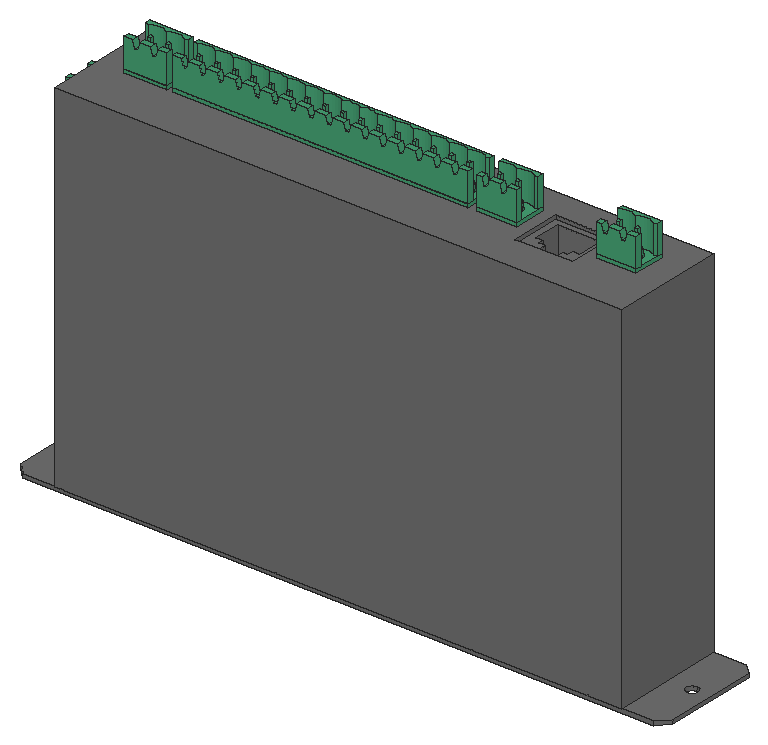
Revit family "Б419_RV17_LOD400 (05.11.23)", category Электрооборудование, Revit 2017
Family settings
  Конфигурация панели = Два столбца, слева направо
  Размер круглого соединителя = Использовать диаметр
  Тип детали = Щит
  На основе рабочей плоскости = Да
  Всегда вертикально = Нет
  При загрузке вырезать с полостями = Нет
  Общий = Нет
  Точка расчета площади = Нет
Parameters (values of type "Б419")
  Стандарт интерфейса связи = "10 Base-T Ethernet (гнездо RJ-45)"
  Смещение_УГО_Y [instance] = 0 mm
  Смещение_УГО_X [instance] = 0 mm
  Раздел проекта [instance] = ""
  Раздел Спецификации [instance] = ""
  Предельное значение сопротивления проводов ШС, кОм = 0.1
  Потребляемый ток, не более, А = 0.3 A
  Default Elevation = 1219.2 mm
  Напряжение = "12"
  Максимальный ток коммутации выходов типа «сухой контакт» напряжением 28В (постоянного тока), не более, А = 12 A
  Максимальный ток коммутации выходов типа «сухой контакт» напряжением 250В (переменного тока) , не более, А = 10 A
  Максимальный ток коммутации выходов типа «открытый коллектор» напряжением до 50В постоянного тока, не более, А = 0.5 A
  Максимальное количество извещателей охранной сигнализации на 1 шлейф сигнализации, питающихся от шлейфа, не более, шт = 20
  Количество подключаемых считывателей STS-705P по интерфейсу RS-485, не более, шт. = 2
  Количество подключаемых исполнительных устройств, не более, шт. = 6
  Количество выходов типа «сухой контакт», не более, шт. = 2
  Количество выходов типа «открытый коллектор», не более, шт. = 4
  Информационная ёмкость (количество подключаемых шлейфов сигнализации), не более, шт. = 8
  Интерфейс для подключения внешних устройств = "RS-485"
  Диапазон рабочих температур, ºС = "от -40 до +50"
  В_Смещение_УГО_Y [instance] = Смещение_УГО_Y + 2000 mm  # 2000 mm
  В_Смещение_УГО_X [instance] = Смещение_УГО_X + 2000 mm  # 2000 mm
  d_короба = 20 mm
  ADSK_Размер_Длина = 181 mm
  ADSK_Размер_Глубина = 100 mm
  ADSK_Размер_Высота = 32 mm
  ADSK_Примечание = ""
  ADSK_Наименование = "Контроллер Б419"
  ADSK_Масса = 1
  ADSK_Марка = "СТВФ.426484.083"
  ADSK_Количество = 1
  ADSK_Завод-изготовитель = "ООО «Основа Безопасности»"  # constant formula
  ADSK_Единица измерения = "шт."  # constant formula
  ADSK_URL страницы изделия = "https://stilsoft.ru/products/b419"
  ADSK_URL документации изделия = ""
Reference planes
  plane 1 "По центру (Вперед/Назад)": y = 0
  plane 2: z = 0
  plane 3 "По центру (Влево/Вправо)": x = 0
  plane 4: y = 2000
  plane 5: x = -2000
  plane 6: x = 0
  plane 7: y = 0
  plane 8: x = 90.5
  plane 9: x = -90.5
  plane 10 "3": x = 78.5
  plane 11 "2": x = -78.5
  plane 12: y = 16
  plane 13: y = -16
  plane 14: z = 100
Forms (mm)
  Extrusion 1, solid, material "КОРПУС", detail levels medium+fine
    sketch origin (0, 16, 0) x (0, -1, 0) y (1, 0, 0)
      loop
        line (32, -78.5) -> (32, 78.5) -> (0, 78.5) -> (0, -78.5) -> (32, -78.5)
    from 1 to 100
  Extrusion 2, solid, material "КОРПУС", detail levels medium+fine
    sketch origin (0, 16, 0) x (0, -1, 0) y (1, 0, 0)
      loop
        line (32, -87.5) -> (32, 87.5) -> (29, 90.5) -> (3, 90.5) -> (0, 87.5) -> (0, -87.5) -> (3, -90.5) -> (29, -90.5) -> (32, -87.5)
      loop
        circle (16, -85.357) r 1.663
      loop
        circle (16, 85.357) r 1.663
    from 0 to 1
  Extrusion 3, solid, material "соединения", detail levels medium+fine
    sketch origin (-78.531, 17.911, 47.556) x (0, 0, 1) y (0, 1, 0)
      loop
        line (-29.234, -9.848) -> (-29.234, -18.848) -> (-12.944, -18.848) -> (-12.944, -9.848) -> (-29.234, -9.848)
    from 0 to 1
  Extrusion 4, solid, material "соединения", detail levels medium+fine
    sketch origin (-78.531, 17.911, 47.556) x (0, 0, 1) y (0, 1, 0)
      loop
        line (-29.234, -9.848) -> (-29.234, -11.38) -> (-28.273, -11.38)
        arc (-28.273, -11.38) -> (-25.791, -10.674) -> (-23.305, -11.362) r 4.776
        arc (-23.305, -11.362) -> (-20.86, -10.659) -> (-18.401, -11.313) r 4.766
        arc (-18.401, -11.313) -> (-15.688, -10.408) -> (-12.944, -11.215) r 4.778
        line (-12.944, -11.215) -> (-12.944, -9.848) -> (-29.234, -9.848)
      loop
        line (-12.944, -17.258) -> (-29.234, -17.258) -> (-29.234, -18.848) -> (-12.944, -18.848) -> (-12.944, -17.258)
    from 1 to 9
  Blend 5, solid, material "соединения", detail levels medium+fine
    base sketch origin (-78.531, 17.911, 47.556) x (0, 0, 1) y (0, 1, 0)
      loop
        circle (-25.763, -13.973) r 1.379
    top sketch origin (-78.531, 17.911, 47.556) x (0, 0, 1) y (0, 1, 0)
      loop
        circle (-25.763, -13.973) r 0.948
    from 1 to 3
  Blend 6, solid, material "соединения", detail levels medium+fine
    base sketch origin (-78.531, 17.911, 52.556) x (0, 0, 1) y (0, 1, 0)
      loop
        circle (-25.763, -13.973) r 1.379
    top sketch origin (-78.531, 17.911, 52.556) x (0, 0, 1) y (0, 1, 0)
      loop
        circle (-25.763, -13.973) r 0.948
    from 1 to 3
  Blend 7, solid, material "соединения", detail levels medium+fine
    base sketch origin (-78.531, 17.911, 57.556) x (0, 0, 1) y (0, 1, 0)
      loop
        circle (-25.763, -13.973) r 1.379
    top sketch origin (-78.531, 17.911, 57.556) x (0, 0, 1) y (0, 1, 0)
      loop
        circle (-25.763, -13.973) r 0.948
    from 1 to 3
  Blend 8, solid, material "соединения", detail levels medium+fine
    base sketch origin (-78.531, 17.911, 47.556) x (0, 0, 1) y (0, 1, 0)
      loop
        line (-26.215, -14.422) -> (-25.289, -14.422) -> (-25.289, -13.499) -> (-26.215, -13.499) -> (-26.215, -14.422)
    top sketch origin (-78.531, 17.911, 47.556) x (0, 0, 1) y (0, 1, 0)
      loop
        line (-26.145, -14.337) -> (-25.343, -14.337) -> (-25.343, -13.551) -> (-26.145, -13.551) -> (-26.145, -14.337)
    from 3 to 8
  Blend 9, solid, material "соединения", detail levels medium+fine
    base sketch origin (-78.531, 17.911, 52.556) x (0, 0, 1) y (0, 1, 0)
      loop
        line (-26.215, -14.422) -> (-25.289, -14.422) -> (-25.289, -13.499) -> (-26.215, -13.499) -> (-26.215, -14.422)
    top sketch origin (-78.531, 17.911, 52.556) x (0, 0, 1) y (0, 1, 0)
      loop
        line (-26.145, -14.337) -> (-25.343, -14.337) -> (-25.343, -13.551) -> (-26.145, -13.551) -> (-26.145, -14.337)
    from 3 to 8
  Blend 10, solid, material "соединения", detail levels medium+fine
    base sketch origin (-78.531, 17.911, 57.556) x (0, 0, 1) y (0, 1, 0)
      loop
        line (-26.215, -14.422) -> (-25.289, -14.422) -> (-25.289, -13.499) -> (-26.215, -13.499) -> (-26.215, -14.422)
    top sketch origin (-78.531, 17.911, 57.556) x (0, 0, 1) y (0, 1, 0)
      loop
        line (-26.145, -14.337) -> (-25.343, -14.337) -> (-25.343, -13.551) -> (-26.145, -13.551) -> (-26.145, -14.337)
    from 3 to 8
  Blend 11, void, detail levels medium+fine
    base sketch origin (-78.531, 17.911, 47.556) x (0, 0, 1) y (0, 1, 0)
      loop
        line (-16.72, -18.848) -> (-14.723, -18.848) -> (-14.723, -17.258) -> (-16.72, -17.258) -> (-16.72, -18.848)
    top sketch origin (-78.531, 17.911, 47.556) x (0, 0, 1) y (0, 1, 0)
      loop
        line (-16.213, -18.848) -> (-15.166, -18.848) -> (-15.166, -17.258) -> (-16.213, -17.258) -> (-16.213, -18.848)
    from 9 to 7
  Blend 12, void, detail levels medium+fine
    base sketch origin (-78.531, 17.911, 42.556) x (0, 0, 1) y (0, 1, 0)
      loop
        line (-16.72, -18.848) -> (-14.723, -18.848) -> (-14.723, -17.258) -> (-16.72, -17.258) -> (-16.72, -18.848)
    top sketch origin (-78.531, 17.911, 42.556) x (0, 0, 1) y (0, 1, 0)
      loop
        line (-16.213, -18.848) -> (-15.166, -18.848) -> (-15.166, -17.258) -> (-16.213, -17.258) -> (-16.213, -18.848)
    from 9 to 7
  Blend 13, void, detail levels medium+fine
    base sketch origin (-78.531, 17.911, 37.556) x (0, 0, 1) y (0, 1, 0)
      loop
        line (-16.72, -18.848) -> (-14.723, -18.848) -> (-14.723, -17.258) -> (-16.72, -17.258) -> (-16.72, -18.848)
    top sketch origin (-78.531, 17.911, 37.556) x (0, 0, 1) y (0, 1, 0)
      loop
        line (-16.213, -18.848) -> (-15.166, -18.848) -> (-15.166, -17.258) -> (-16.213, -17.258) -> (-16.213, -18.848)
    from 9 to 7
  Extrusion 14, solid, material "соединения", detail levels medium+fine
    sketch origin (0, 16, 100) x (-1, 0, 0) y (0, -1, 0)
      loop
        line (-59.92, 8.372) -> (-59.92, 17.372) -> (-70.908, 17.372) -> (-70.908, 8.372) -> (-59.92, 8.372)
    from 0 to 1
  Extrusion 15, solid, material "соединения", detail levels medium+fine
    sketch origin (0, 16, 100) x (-1, 0, 0) y (0, -1, 0)
      loop
        line (-59.908, 8.372) -> (-59.908, 9.901)
        arc (-59.908, 9.901) -> (-62.396, 9.213) -> (-64.878, 9.919) r 4.778
        arc (-64.878, 9.919) -> (-67.378, 9.213) -> (-69.878, 9.919) r 4.778
        line (-69.878, 9.919) -> (-70.908, 9.919) -> (-70.908, 8.372) -> (-59.908, 8.372)
      loop
        line (-70.908, 17.372) -> (-70.908, 15.783) -> (-59.92, 15.783) -> (-59.92, 17.372) -> (-70.908, 17.372)
    from 1 to 9
  Blend 16, solid, material "соединения", detail levels medium+fine
    base sketch origin (0, 16, 100) x (-1, 0, 0) y (0, -1, 0)
      loop
        circle (-62.378, 12.498) r 1.379
    top sketch origin (0, 16, 100) x (-1, 0, 0) y (0, -1, 0)
      loop
        circle (-62.378, 12.498) r 0.948
    from 1 to 3
  Blend 17, solid, material "соединения", detail levels medium+fine
    base sketch origin (0, 16, 100) x (-1, 0, 0) y (0, -1, 0)
      loop
        line (-61.926, 12.946) -> (-62.852, 12.946) -> (-62.852, 12.024) -> (-61.926, 12.024) -> (-61.926, 12.946)
    top sketch origin (0, 16, 100) x (-1, 0, 0) y (0, -1, 0)
      loop
        line (-61.997, 12.862) -> (-62.799, 12.862) -> (-62.799, 12.075) -> (-61.997, 12.075) -> (-61.997, 12.862)
    from 3 to 8
  Blend 18, void, detail levels medium+fine
    base sketch origin (83.142, 17.475, 94.297) x (1, 0, 0) y (0, 1, 0)
      loop
        line (-16.72, -18.848) -> (-14.723, -18.848) -> (-14.723, -17.258) -> (-16.72, -17.258) -> (-16.72, -18.848)
    top sketch origin (83.142, 17.475, 94.297) x (1, 0, 0) y (0, 1, 0)
      loop
        line (-16.213, -18.848) -> (-15.166, -18.848) -> (-15.166, -17.258) -> (-16.213, -17.258) -> (-16.213, -18.848)
    from 14.703 to 12.556
  Blend 19, solid, material "соединения", detail levels medium+fine
    base sketch origin (0, 16, 100) x (-1, 0, 0) y (0, -1, 0)
      loop
        circle (-67.378, 12.498) r 1.379
    top sketch origin (0, 16, 100) x (-1, 0, 0) y (0, -1, 0)
      loop
        circle (-67.378, 12.498) r 0.948
    from 1 to 3
  Blend 20, solid, material "соединения", detail levels medium+fine
    base sketch origin (0, 16, 100) x (-1, 0, 0) y (0, -1, 0)
      loop
        line (-66.926, 12.946) -> (-67.852, 12.946) -> (-67.852, 12.024) -> (-66.926, 12.024) -> (-66.926, 12.946)
    top sketch origin (0, 16, 100) x (-1, 0, 0) y (0, -1, 0)
      loop
        line (-66.997, 12.862) -> (-67.799, 12.862) -> (-67.799, 12.075) -> (-66.997, 12.075) -> (-66.997, 12.862)
    from 3 to 8
  Blend 21, void, detail levels medium+fine
    base sketch origin (78.142, 17.475, 94.297) x (1, 0, 0) y (0, 1, 0)
      loop
        line (-16.72, -18.848) -> (-14.723, -18.848) -> (-14.723, -17.258) -> (-16.72, -17.258) -> (-16.72, -18.848)
    top sketch origin (78.142, 17.475, 94.297) x (1, 0, 0) y (0, 1, 0)
      loop
        line (-16.213, -18.848) -> (-15.166, -18.848) -> (-15.166, -17.258) -> (-16.213, -17.258) -> (-16.213, -18.848)
    from 14.703 to 12.556
  Extrusion 22, solid, material "соединения", detail levels medium+fine
    sketch origin (-78.531, 17.911, 65.393) x (0, 0, 1) y (0, 1, 0)
      loop
        line (-29.234, -9.848) -> (-29.234, -18.848) -> (-12.944, -18.848) -> (-12.944, -9.848) -> (-29.234, -9.848)
    from 0 to 1
  Extrusion 23, solid, material "соединения", detail levels medium+fine
    sketch origin (-78.531, 17.911, 65.393) x (0, 0, 1) y (0, 1, 0)
      loop
        line (-29.234, -9.848) -> (-29.234, -11.38) -> (-28.273, -11.38)
        arc (-28.273, -11.38) -> (-25.791, -10.674) -> (-23.305, -11.362) r 4.776
        arc (-23.305, -11.362) -> (-20.86, -10.659) -> (-18.401, -11.313) r 4.766
        arc (-18.401, -11.313) -> (-15.688, -10.408) -> (-12.944, -11.215) r 4.778
        line (-12.944, -11.215) -> (-12.944, -9.848) -> (-29.234, -9.848)
      loop
        line (-12.944, -17.258) -> (-29.234, -17.258) -> (-29.234, -18.848) -> (-12.944, -18.848) -> (-12.944, -17.258)
    from 1 to 9
  Blend 24, solid, material "соединения", detail levels medium+fine
    base sketch origin (-78.531, 17.911, 65.393) x (0, 0, 1) y (0, 1, 0)
      loop
        circle (-25.763, -13.973) r 1.379
    top sketch origin (-78.531, 17.911, 65.393) x (0, 0, 1) y (0, 1, 0)
      loop
        circle (-25.763, -13.973) r 0.948
    from 1 to 3
  Blend 25, solid, material "соединения", detail levels medium+fine
    base sketch origin (-78.531, 17.911, 70.393) x (0, 0, 1) y (0, 1, 0)
      loop
        circle (-25.763, -13.973) r 1.379
    top sketch origin (-78.531, 17.911, 70.393) x (0, 0, 1) y (0, 1, 0)
      loop
        circle (-25.763, -13.973) r 0.948
    from 1 to 3
  Blend 26, solid, material "соединения", detail levels medium+fine
    base sketch origin (-78.531, 17.911, 69.229) x (0, 0, 1) y (0, 1, 0)
      loop
        circle (-19.763, -13.973) r 1.379
    top sketch origin (-78.531, 17.911, 69.229) x (0, 0, 1) y (0, 1, 0)
      loop
        circle (-19.763, -13.973) r 0.948
    from 1 to 3
  Blend 27, solid, material "соединения", detail levels medium+fine
    base sketch origin (-78.531, 17.911, 65.393) x (0, 0, 1) y (0, 1, 0)
      loop
        line (-26.215, -14.422) -> (-25.289, -14.422) -> (-25.289, -13.499) -> (-26.215, -13.499) -> (-26.215, -14.422)
    top sketch origin (-78.531, 17.911, 65.393) x (0, 0, 1) y (0, 1, 0)
      loop
        line (-26.145, -14.337) -> (-25.343, -14.337) -> (-25.343, -13.551) -> (-26.145, -13.551) -> (-26.145, -14.337)
    from 3 to 8
  Blend 28, solid, material "соединения", detail levels medium+fine
    base sketch origin (-78.531, 17.911, 70.393) x (0, 0, 1) y (0, 1, 0)
      loop
        line (-26.215, -14.422) -> (-25.289, -14.422) -> (-25.289, -13.499) -> (-26.215, -13.499) -> (-26.215, -14.422)
    top sketch origin (-78.531, 17.911, 70.393) x (0, 0, 1) y (0, 1, 0)
      loop
        line (-26.145, -14.337) -> (-25.343, -14.337) -> (-25.343, -13.551) -> (-26.145, -13.551) -> (-26.145, -14.337)
    from 3 to 8
  Blend 29, solid, material "соединения", detail levels medium+fine
    base sketch origin (-78.531, 17.911, 69.229) x (0, 0, 1) y (0, 1, 0)
      loop
        line (-20.215, -14.422) -> (-19.289, -14.422) -> (-19.289, -13.499) -> (-20.215, -13.499) -> (-20.215, -14.422)
    top sketch origin (-78.531, 17.911, 69.229) x (0, 0, 1) y (0, 1, 0)
      loop
        line (-20.145, -14.337) -> (-19.343, -14.337) -> (-19.343, -13.551) -> (-20.145, -13.551) -> (-20.145, -14.337)
    from 3 to 8
  Blend 30, void, detail levels medium+fine
    base sketch origin (-78.531, 17.911, 59.229) x (0, 0, 1) y (0, 1, 0)
      loop
        line (-10.72, -18.848) -> (-8.723, -18.848) -> (-8.723, -17.258) -> (-10.72, -17.258) -> (-10.72, -18.848)
    top sketch origin (-78.531, 17.911, 59.229) x (0, 0, 1) y (0, 1, 0)
      loop
        line (-10.213, -18.848) -> (-9.166, -18.848) -> (-9.166, -17.258) -> (-10.213, -17.258) -> (-10.213, -18.848)
    from 9 to 7
  Blend 31, void, detail levels medium+fine
    base sketch origin (-78.531, 17.911, 60.393) x (0, 0, 1) y (0, 1, 0)
      loop
        line (-16.72, -18.848) -> (-14.723, -18.848) -> (-14.723, -17.258) -> (-16.72, -17.258) -> (-16.72, -18.848)
    top sketch origin (-78.531, 17.911, 60.393) x (0, 0, 1) y (0, 1, 0)
      loop
        line (-16.213, -18.848) -> (-15.166, -18.848) -> (-15.166, -17.258) -> (-16.213, -17.258) -> (-16.213, -18.848)
    from 9 to 7
  Blend 32, void, detail levels medium+fine
    base sketch origin (-78.531, 17.911, 55.393) x (0, 0, 1) y (0, 1, 0)
      loop
        line (-16.72, -18.848) -> (-14.723, -18.848) -> (-14.723, -17.258) -> (-16.72, -17.258) -> (-16.72, -18.848)
    top sketch origin (-78.531, 17.911, 55.393) x (0, 0, 1) y (0, 1, 0)
      loop
        line (-16.213, -18.848) -> (-15.166, -18.848) -> (-15.166, -17.258) -> (-16.213, -17.258) -> (-16.213, -18.848)
    from 9 to 7
  Extrusion 33, solid, material "соединения", detail levels medium+fine
    sketch origin (-78.531, 17.911, 83.655) x (0, 0, 1) y (0, 1, 0)
      loop
        line (-23.234, -9.848) -> (-23.234, -18.848) -> (9.346, -18.848) -> (9.346, -9.848) -> (-23.234, -9.848)
    from 0 to 1
  Extrusion 34, solid, material "соединения", detail levels medium+fine
    sketch origin (-78.531, 17.911, 83.655) x (0, 0, 1) y (0, 1, 0)
      loop
        line (-23.234, -9.848) -> (-23.234, -11.38) -> (-22.273, -11.38)
        arc (-22.273, -11.38) -> (-19.791, -10.674) -> (-17.305, -11.362) r 4.776
        arc (-17.305, -11.362) -> (-14.86, -10.659) -> (-12.401, -11.313) r 4.766
        arc (-12.401, -11.313) -> (-9.688, -10.408) -> (-6.944, -11.215) r 4.778
        arc (-6.944, -11.215) -> (-4.2, -10.408) -> (-1.486, -11.313) r 4.778
        arc (-1.486, -11.313) -> (0.972, -10.659) -> (3.417, -11.362) r 4.766
        arc (3.417, -11.362) -> (5.904, -10.674) -> (8.386, -11.38) r 4.776
        line (8.386, -11.38) -> (9.346, -11.38) -> (9.346, -9.848) -> (-23.234, -9.848)
      loop
        line (-6.944, -17.258) -> (-23.234, -17.258) -> (-23.234, -18.848) -> (-6.944, -18.848) -> (9.346, -18.848) -> (9.346, -17.258) -> (-6.944, -17.258)
    from 1 to 9
  Blend 35, solid, material "соединения", detail levels medium+fine
    base sketch origin (-78.531, 17.911, 83.655) x (0, 0, 1) y (0, 1, 0)
      loop
        circle (-19.763, -13.973) r 1.379
    top sketch origin (-78.531, 17.911, 83.655) x (0, 0, 1) y (0, 1, 0)
      loop
        circle (-19.763, -13.973) r 0.948
    from 1 to 3
  Blend 36, solid, material "соединения", detail levels medium+fine
    base sketch origin (-78.531, 17.911, 88.655) x (0, 0, 1) y (0, 1, 0)
      loop
        circle (-19.763, -13.973) r 1.379
    top sketch origin (-78.531, 17.911, 88.655) x (0, 0, 1) y (0, 1, 0)
      loop
        circle (-19.763, -13.973) r 0.948
    from 1 to 3
  Blend 37, solid, material "соединения", detail levels medium+fine
    base sketch origin (-78.531, 17.911, 93.655) x (0, 0, 1) y (0, 1, 0)
      loop
        circle (-19.763, -13.973) r 1.379
    top sketch origin (-78.531, 17.911, 93.655) x (0, 0, 1) y (0, 1, 0)
      loop
        circle (-19.763, -13.973) r 0.948
    from 1 to 3
  Blend 38, solid, material "соединения", detail levels medium+fine
    base sketch origin (-78.531, 17.911, 83.655) x (0, 0, 1) y (0, 1, 0)
      loop
        line (-20.215, -14.422) -> (-19.289, -14.422) -> (-19.289, -13.499) -> (-20.215, -13.499) -> (-20.215, -14.422)
    top sketch origin (-78.531, 17.911, 83.655) x (0, 0, 1) y (0, 1, 0)
      loop
        line (-20.145, -14.337) -> (-19.343, -14.337) -> (-19.343, -13.551) -> (-20.145, -13.551) -> (-20.145, -14.337)
    from 3 to 8
  Blend 39, solid, material "соединения", detail levels medium+fine
    base sketch origin (-78.531, 17.911, 88.655) x (0, 0, 1) y (0, 1, 0)
      loop
        line (-20.215, -14.422) -> (-19.289, -14.422) -> (-19.289, -13.499) -> (-20.215, -13.499) -> (-20.215, -14.422)
    top sketch origin (-78.531, 17.911, 88.655) x (0, 0, 1) y (0, 1, 0)
      loop
        line (-20.145, -14.337) -> (-19.343, -14.337) -> (-19.343, -13.551) -> (-20.145, -13.551) -> (-20.145, -14.337)
    from 3 to 8
  Blend 40, solid, material "соединения", detail levels medium+fine
    base sketch origin (-78.531, 17.911, 93.655) x (0, 0, 1) y (0, 1, 0)
      loop
        line (-20.215, -14.422) -> (-19.289, -14.422) -> (-19.289, -13.499) -> (-20.215, -13.499) -> (-20.215, -14.422)
    top sketch origin (-78.531, 17.911, 93.655) x (0, 0, 1) y (0, 1, 0)
      loop
        line (-20.145, -14.337) -> (-19.343, -14.337) -> (-19.343, -13.551) -> (-20.145, -13.551) -> (-20.145, -14.337)
    from 3 to 8
  Blend 41, void, detail levels medium+fine
    base sketch origin (-78.531, 17.911, 83.655) x (0, 0, 1) y (0, 1, 0)
      loop
        line (-10.72, -18.848) -> (-8.723, -18.848) -> (-8.723, -17.258) -> (-10.72, -17.258) -> (-10.72, -18.848)
    top sketch origin (-78.531, 17.911, 83.655) x (0, 0, 1) y (0, 1, 0)
      loop
        line (-10.213, -18.848) -> (-9.166, -18.848) -> (-9.166, -17.258) -> (-10.213, -17.258) -> (-10.213, -18.848)
    from 9 to 7
  Blend 42, void, detail levels medium+fine
    base sketch origin (-78.531, 17.911, 78.655) x (0, 0, 1) y (0, 1, 0)
      loop
        line (-10.72, -18.848) -> (-8.723, -18.848) -> (-8.723, -17.258) -> (-10.72, -17.258) -> (-10.72, -18.848)
    top sketch origin (-78.531, 17.911, 78.655) x (0, 0, 1) y (0, 1, 0)
      loop
        line (-10.213, -18.848) -> (-9.166, -18.848) -> (-9.166, -17.258) -> (-10.213, -17.258) -> (-10.213, -18.848)
    from 9 to 7
  Blend 43, void, detail levels medium+fine
    base sketch origin (-78.531, 17.911, 73.655) x (0, 0, 1) y (0, 1, 0)
      loop
        line (-10.72, -18.848) -> (-8.723, -18.848) -> (-8.723, -17.258) -> (-10.72, -17.258) -> (-10.72, -18.848)
    top sketch origin (-78.531, 17.911, 73.655) x (0, 0, 1) y (0, 1, 0)
      loop
        line (-10.213, -18.848) -> (-9.166, -18.848) -> (-9.166, -17.258) -> (-10.213, -17.258) -> (-10.213, -18.848)
    from 9 to 7
  Blend 44, solid, material "соединения", detail levels medium+fine
    base sketch origin (-78.531, 17.911, 99.144) x (0, 0, 1) y (0, 1, 0)
      loop
        circle (-19.763, -13.973) r 1.379
    top sketch origin (-78.531, 17.911, 99.144) x (0, 0, 1) y (0, 1, 0)
      loop
        circle (-19.763, -13.973) r 0.948
    from 1 to 3
  Blend 45, solid, material "соединения", detail levels medium+fine
    base sketch origin (-78.531, 17.911, 99.144) x (0, 0, 1) y (0, 1, 0)
      loop
        line (-20.215, -14.422) -> (-19.289, -14.422) -> (-19.289, -13.499) -> (-20.215, -13.499) -> (-20.215, -14.422)
    top sketch origin (-78.531, 17.911, 99.144) x (0, 0, 1) y (0, 1, 0)
      loop
        line (-20.145, -14.337) -> (-19.343, -14.337) -> (-19.343, -13.551) -> (-20.145, -13.551) -> (-20.145, -14.337)
    from 3 to 8
  Blend 46, solid, material "соединения", detail levels medium+fine
    base sketch origin (-78.531, 18.162, 104.315) x (0, 0, 1) y (0, 1, 0)
      loop
        circle (-19.763, -13.973) r 1.379
    top sketch origin (-78.531, 18.162, 104.315) x (0, 0, 1) y (0, 1, 0)
      loop
        circle (-19.763, -13.973) r 0.948
    from 1 to 3
  Blend 47, solid, material "соединения", detail levels medium+fine
    base sketch origin (-78.531, 18.162, 104.315) x (0, 0, 1) y (0, 1, 0)
      loop
        line (-20.215, -14.422) -> (-19.289, -14.422) -> (-19.289, -13.499) -> (-20.215, -13.499) -> (-20.215, -14.422)
    top sketch origin (-78.531, 18.162, 104.315) x (0, 0, 1) y (0, 1, 0)
      loop
        line (-20.145, -14.337) -> (-19.343, -14.337) -> (-19.343, -13.551) -> (-20.145, -13.551) -> (-20.145, -14.337)
    from 3 to 8
  Blend 48, solid, material "соединения", detail levels medium+fine
    base sketch origin (-78.531, 18.413, 109.487) x (0, 0, 1) y (0, 1, 0)
      loop
        circle (-19.763, -13.973) r 1.379
    top sketch origin (-78.531, 18.413, 109.487) x (0, 0, 1) y (0, 1, 0)
      loop
        circle (-19.763, -13.973) r 0.948
    from 1 to 3
  Blend 49, solid, material "соединения", detail levels medium+fine
    base sketch origin (-78.531, 18.413, 109.487) x (0, 0, 1) y (0, 1, 0)
      loop
        line (-20.215, -14.422) -> (-19.289, -14.422) -> (-19.289, -13.499) -> (-20.215, -13.499) -> (-20.215, -14.422)
    top sketch origin (-78.531, 18.413, 109.487) x (0, 0, 1) y (0, 1, 0)
      loop
        line (-20.145, -14.337) -> (-19.343, -14.337) -> (-19.343, -13.551) -> (-20.145, -13.551) -> (-20.145, -14.337)
    from 3 to 8
  Blend 50, void, detail levels medium+fine
    base sketch origin (-78.531, 17.911, 89.247) x (0, 0, 1) y (0, 1, 0)
      loop
        line (-10.72, -18.848) -> (-8.723, -18.848) -> (-8.723, -17.258) -> (-10.72, -17.258) -> (-10.72, -18.848)
    top sketch origin (-78.531, 17.911, 89.247) x (0, 0, 1) y (0, 1, 0)
      loop
        line (-10.213, -18.848) -> (-9.166, -18.848) -> (-9.166, -17.258) -> (-10.213, -17.258) -> (-10.213, -18.848)
    from 9 to 7
  Blend 51, void, detail levels medium+fine
    base sketch origin (-78.531, 17.911, 94.419) x (0, 0, 1) y (0, 1, 0)
      loop
        line (-10.72, -18.848) -> (-8.723, -18.848) -> (-8.723, -17.258) -> (-10.72, -17.258) -> (-10.72, -18.848)
    top sketch origin (-78.531, 17.911, 94.419) x (0, 0, 1) y (0, 1, 0)
      loop
        line (-10.213, -18.848) -> (-9.166, -18.848) -> (-9.166, -17.258) -> (-10.213, -17.258) -> (-10.213, -18.848)
    from 9 to 7
  Blend 52, void, detail levels medium+fine
    base sketch origin (-78.531, 17.911, 99.419) x (0, 0, 1) y (0, 1, 0)
      loop
        line (-10.72, -18.848) -> (-8.723, -18.848) -> (-8.723, -17.258) -> (-10.72, -17.258) -> (-10.72, -18.848)
    top sketch origin (-78.531, 17.911, 99.419) x (0, 0, 1) y (0, 1, 0)
      loop
        line (-10.213, -18.848) -> (-9.166, -18.848) -> (-9.166, -17.258) -> (-10.213, -17.258) -> (-10.213, -18.848)
    from 9 to 7
  Extrusion 53, solid, material "соединения", detail levels medium+fine
    sketch origin (0, 16, 100) x (-1, 0, 0) y (0, -1, 0)
      loop
        line (71.092, 8.372) -> (71.092, 17.372) -> (59.152, 17.372) -> (59.152, 8.372) -> (71.092, 8.372)
    from 0 to 1
  Extrusion 54, solid, material "соединения", detail levels medium+fine
    sketch origin (0, 16, 100) x (-1, 0, 0) y (0, -1, 0)
      loop
        line (71.092, 8.372) -> (71.092, 9.919) -> (70.122, 9.919)
        arc (70.122, 9.919) -> (67.622, 9.213) -> (65.122, 9.919) r 4.778
        arc (65.122, 9.919) -> (62.622, 9.213) -> (60.122, 9.919) r 4.778
        line (60.122, 9.919) -> (59.152, 9.919) -> (59.152, 8.372) -> (60.122, 8.372) -> (71.092, 8.372)
      loop
        line (59.152, 15.783) -> (71.092, 15.783) -> (71.092, 17.372) -> (59.152, 17.372) -> (59.152, 15.783)
    from 1 to 9
  Blend 55, solid, material "соединения", detail levels medium+fine
    base sketch origin (0, 16, 100) x (-1, 0, 0) y (0, -1, 0)
      loop
        circle (67.622, 12.498) r 1.379
    top sketch origin (0, 16, 100) x (-1, 0, 0) y (0, -1, 0)
      loop
        circle (67.622, 12.498) r 0.948
    from 1 to 3
  Blend 56, solid, material "соединения", detail levels medium+fine
    base sketch origin (0, 16, 100) x (-1, 0, 0) y (0, -1, 0)
      loop
        circle (62.622, 12.498) r 1.379
    top sketch origin (0, 16, 100) x (-1, 0, 0) y (0, -1, 0)
      loop
        circle (62.622, 12.498) r 0.948
    from 1 to 3
  Blend 57, solid, material "соединения", detail levels medium+fine
    base sketch origin (0, 16, 100) x (-1, 0, 0) y (0, -1, 0)
      loop
        line (68.074, 12.946) -> (67.148, 12.946) -> (67.148, 12.024) -> (68.074, 12.024) -> (68.074, 12.946)
    top sketch origin (0, 16, 100) x (-1, 0, 0) y (0, -1, 0)
      loop
        line (68.003, 12.862) -> (67.201, 12.862) -> (67.201, 12.075) -> (68.003, 12.075) -> (68.003, 12.862)
    from 3 to 8
  Blend 58, solid, material "соединения", detail levels medium+fine
    base sketch origin (0, 16, 100) x (-1, 0, 0) y (0, -1, 0)
      loop
        line (63.074, 12.946) -> (62.148, 12.946) -> (62.148, 12.024) -> (63.074, 12.024) -> (63.074, 12.946)
    top sketch origin (0, 16, 100) x (-1, 0, 0) y (0, -1, 0)
      loop
        line (63.003, 12.862) -> (62.201, 12.862) -> (62.201, 12.075) -> (63.003, 12.075) -> (63.003, 12.862)
    from 3 to 8
  Blend 59, void, detail levels medium+fine
    base sketch origin (0, 16, 100) x (-1, 0, 0) y (0, -1, 0)
      loop
        line (63.578, 17.372) -> (61.582, 17.372) -> (61.582, 15.783) -> (63.578, 15.783) -> (63.578, 17.372)
    top sketch origin (0, 16, 100) x (-1, 0, 0) y (0, -1, 0)
      loop
        line (63.072, 17.372) -> (62.024, 17.372) -> (62.024, 15.783) -> (63.072, 15.783) -> (63.072, 17.372)
    from 9 to 7
  Blend 60, void, detail levels medium+fine
    base sketch origin (0, 16, 100) x (-1, 0, 0) y (0, -1, 0)
      loop
        line (68.578, 17.372) -> (66.582, 17.372) -> (66.582, 15.783) -> (68.578, 15.783) -> (68.578, 17.372)
    top sketch origin (0, 16, 100) x (-1, 0, 0) y (0, -1, 0)
      loop
        line (68.072, 17.372) -> (67.024, 17.372) -> (67.024, 15.783) -> (68.072, 15.783) -> (68.072, 17.372)
    from 9 to 7
  Extrusion 61, solid, material "соединения", detail levels medium+fine
    sketch origin (0, 16, 100) x (-1, 0, 0) y (0, -1, 0)
      loop
        line (57.625, 8.372) -> (57.625, 17.372) -> (-24.375, 17.372) -> (-24.375, 8.372) -> (57.625, 8.372)
    from 0 to 1
  Extrusion 62, solid, material "соединения", detail levels medium+fine
    sketch origin (0, 16, 100) x (-1, 0, 0) y (0, -1, 0)
      loop
        line (57.625, 15.783) -> (57.625, 17.372) -> (-24.375, 17.372) -> (-24.375, 15.783) -> (57.625, 15.783)
      loop
        line (-24.375, 9.919) -> (-24.375, 8.372) -> (57.625, 8.372) -> (57.625, 9.919) -> (56.655, 9.919)
        arc (56.655, 9.919) -> (54.155, 9.213) -> (51.655, 9.919) r 4.778
        arc (51.655, 9.919) -> (49.155, 9.213) -> (46.655, 9.919) r 4.778
        arc (46.655, 9.919) -> (44.155, 9.213) -> (41.655, 9.919) r 4.778
        arc (41.655, 9.919) -> (39.155, 9.213) -> (36.655, 9.919) r 4.778
        arc (36.655, 9.919) -> (34.155, 9.213) -> (31.655, 9.919) r 4.778
        arc (31.655, 9.919) -> (29.155, 9.213) -> (26.655, 9.919) r 4.778
        arc (26.655, 9.919) -> (24.155, 9.213) -> (21.655, 9.919) r 4.778
        arc (21.655, 9.919) -> (19.155, 9.213) -> (16.655, 9.919) r 4.778
        arc (16.655, 9.919) -> (14.155, 9.213) -> (11.655, 9.919) r 4.778
        arc (11.655, 9.919) -> (9.155, 9.213) -> (6.655, 9.919) r 4.778
        arc (6.655, 9.919) -> (4.155, 9.213) -> (1.655, 9.919) r 4.778
        arc (1.655, 9.919) -> (-0.845, 9.213) -> (-3.345, 9.919) r 4.778
        arc (-3.345, 9.919) -> (-5.845, 9.213) -> (-8.345, 9.919) r 4.778
        arc (-8.345, 9.919) -> (-10.845, 9.213) -> (-13.345, 9.919) r 4.778
        arc (-13.345, 9.919) -> (-15.845, 9.213) -> (-18.345, 9.919) r 4.778
        arc (-18.345, 9.919) -> (-20.845, 9.213) -> (-23.345, 9.919) r 4.778
        line (-23.345, 9.919) -> (-24.375, 9.919)
    from 1 to 9
  Blend 63, solid, material "соединения", detail levels medium+fine
    base sketch origin (0, 16, 100) x (-1, 0, 0) y (0, -1, 0)
      loop
        circle (44.155, 12.498) r 1.379
    top sketch origin (0, 16, 100) x (-1, 0, 0) y (0, -1, 0)
      loop
        circle (44.155, 12.498) r 0.948
    from 1 to 3
  Blend 64, solid, material "соединения", detail levels medium+fine
    base sketch origin (0, 16, 100) x (-1, 0, 0) y (0, -1, 0)
      loop
        circle (39.155, 12.498) r 1.379
    top sketch origin (0, 16, 100) x (-1, 0, 0) y (0, -1, 0)
      loop
        circle (39.155, 12.498) r 0.948
    from 1 to 3
  Blend 65, solid, material "соединения", detail levels medium+fine
    base sketch origin (0, 16, 100) x (-1, 0, 0) y (0, -1, 0)
      loop
        circle (34.155, 12.498) r 1.379
    top sketch origin (0, 16, 100) x (-1, 0, 0) y (0, -1, 0)
      loop
        circle (34.155, 12.498) r 0.948
    from 1 to 3
  Blend 66, solid, material "соединения", detail levels medium+fine
    base sketch origin (0, 16, 100) x (-1, 0, 0) y (0, -1, 0)
      loop
        line (44.607, 12.946) -> (43.681, 12.946) -> (43.681, 12.024) -> (44.607, 12.024) -> (44.607, 12.946)
    top sketch origin (0, 16, 100) x (-1, 0, 0) y (0, -1, 0)
      loop
        line (44.536, 12.862) -> (43.735, 12.862) -> (43.735, 12.075) -> (44.536, 12.075) -> (44.536, 12.862)
    from 3 to 8
  Blend 67, solid, material "соединения", detail levels medium+fine
    base sketch origin (0, 16, 100) x (-1, 0, 0) y (0, -1, 0)
      loop
        line (39.607, 12.946) -> (38.681, 12.946) -> (38.681, 12.024) -> (39.607, 12.024) -> (39.607, 12.946)
    top sketch origin (0, 16, 100) x (-1, 0, 0) y (0, -1, 0)
      loop
        line (39.536, 12.862) -> (38.735, 12.862) -> (38.735, 12.075) -> (39.536, 12.075) -> (39.536, 12.862)
    from 3 to 8
  Blend 68, solid, material "соединения", detail levels medium+fine
    base sketch origin (0, 16, 100) x (-1, 0, 0) y (0, -1, 0)
      loop
        line (34.607, 12.946) -> (33.681, 12.946) -> (33.681, 12.024) -> (34.607, 12.024) -> (34.607, 12.946)
    top sketch origin (0, 16, 100) x (-1, 0, 0) y (0, -1, 0)
      loop
        line (34.536, 12.862) -> (33.735, 12.862) -> (33.735, 12.075) -> (34.536, 12.075) -> (34.536, 12.862)
    from 3 to 8
  Blend 69, void, detail levels medium+fine
    base sketch origin (0, 16, 100) x (-1, 0, 0) y (0, -1, 0)
      loop
        line (30.111, 17.372) -> (28.115, 17.372) -> (28.115, 15.783) -> (30.111, 15.783) -> (30.111, 17.372)
    top sketch origin (0, 16, 100) x (-1, 0, 0) y (0, -1, 0)
      loop
        line (29.605, 17.372) -> (28.557, 17.372) -> (28.557, 15.783) -> (29.605, 15.783) -> (29.605, 17.372)
    from 9 to 7
  Blend 70, solid, material "соединения", detail levels medium+fine
    base sketch origin (0, 16, 100) x (-1, 0, 0) y (0, -1, 0)
      loop
        circle (29.155, 12.498) r 1.379
    top sketch origin (0, 16, 100) x (-1, 0, 0) y (0, -1, 0)
      loop
        circle (29.155, 12.498) r 0.948
    from 1 to 3
  Blend 71, solid, material "соединения", detail levels medium+fine
    base sketch origin (0, 16, 100) x (-1, 0, 0) y (0, -1, 0)
      loop
        line (29.607, 12.946) -> (28.681, 12.946) -> (28.681, 12.024) -> (29.607, 12.024) -> (29.607, 12.946)
    top sketch origin (0, 16, 100) x (-1, 0, 0) y (0, -1, 0)
      loop
        line (29.536, 12.862) -> (28.735, 12.862) -> (28.735, 12.075) -> (29.536, 12.075) -> (29.536, 12.862)
    from 3 to 8
  Blend 72, void, detail levels medium+fine
    base sketch origin (0, 16, 100) x (-1, 0, 0) y (0, -1, 0)
      loop
        line (35.111, 17.372) -> (33.115, 17.372) -> (33.115, 15.783) -> (35.111, 15.783) -> (35.111, 17.372)
    top sketch origin (0, 16, 100) x (-1, 0, 0) y (0, -1, 0)
      loop
        line (34.605, 17.372) -> (33.557, 17.372) -> (33.557, 15.783) -> (34.605, 15.783) -> (34.605, 17.372)
    from 9 to 7
  Blend 73, void, detail levels medium+fine
    base sketch origin (0, 16, 100) x (-1, 0, 0) y (0, -1, 0)
      loop
        line (40.111, 17.372) -> (38.115, 17.372) -> (38.115, 15.783) -> (40.111, 15.783) -> (40.111, 17.372)
    top sketch origin (0, 16, 100) x (-1, 0, 0) y (0, -1, 0)
      loop
        line (39.605, 17.372) -> (38.557, 17.372) -> (38.557, 15.783) -> (39.605, 15.783) -> (39.605, 17.372)
    from 9 to 7
  Blend 74, void, detail levels medium+fine
    base sketch origin (0, 16, 100) x (-1, 0, 0) y (0, -1, 0)
      loop
        line (45.111, 17.372) -> (43.115, 17.372) -> (43.115, 15.783) -> (45.111, 15.783) -> (45.111, 17.372)
    top sketch origin (0, 16, 100) x (-1, 0, 0) y (0, -1, 0)
      loop
        line (44.605, 17.372) -> (43.557, 17.372) -> (43.557, 15.783) -> (44.605, 15.783) -> (44.605, 17.372)
    from 9 to 7
  Blend 75, solid, material "соединения", detail levels medium+fine
    base sketch origin (0, 16, 100) x (-1, 0, 0) y (0, -1, 0)
      loop
        circle (54.155, 12.498) r 1.379
    top sketch origin (0, 16, 100) x (-1, 0, 0) y (0, -1, 0)
      loop
        circle (54.155, 12.498) r 0.948
    from 1 to 3
  Blend 76, solid, material "соединения", detail levels medium+fine
    base sketch origin (0, 16, 100) x (-1, 0, 0) y (0, -1, 0)
      loop
        circle (49.155, 12.498) r 1.379
    top sketch origin (0, 16, 100) x (-1, 0, 0) y (0, -1, 0)
      loop
        circle (49.155, 12.498) r 0.948
    from 1 to 3
  Blend 77, solid, material "соединения", detail levels medium+fine
    base sketch origin (0, 16, 100) x (-1, 0, 0) y (0, -1, 0)
      loop
        line (54.607, 12.946) -> (53.681, 12.946) -> (53.681, 12.024) -> (54.607, 12.024) -> (54.607, 12.946)
    top sketch origin (0, 16, 100) x (-1, 0, 0) y (0, -1, 0)
      loop
        line (54.536, 12.862) -> (53.735, 12.862) -> (53.735, 12.075) -> (54.536, 12.075) -> (54.536, 12.862)
    from 3 to 8
  Blend 78, solid, material "соединения", detail levels medium+fine
    base sketch origin (0, 16, 100) x (-1, 0, 0) y (0, -1, 0)
      loop
        line (49.607, 12.946) -> (48.681, 12.946) -> (48.681, 12.024) -> (49.607, 12.024) -> (49.607, 12.946)
    top sketch origin (0, 16, 100) x (-1, 0, 0) y (0, -1, 0)
      loop
        line (49.536, 12.862) -> (48.735, 12.862) -> (48.735, 12.075) -> (49.536, 12.075) -> (49.536, 12.862)
    from 3 to 8
  Blend 79, void, detail levels medium+fine
    base sketch origin (0, 16, 100) x (-1, 0, 0) y (0, -1, 0)
      loop
        line (50.111, 17.372) -> (48.115, 17.372) -> (48.115, 15.783) -> (50.111, 15.783) -> (50.111, 17.372)
    top sketch origin (0, 16, 100) x (-1, 0, 0) y (0, -1, 0)
      loop
        line (49.605, 17.372) -> (48.557, 17.372) -> (48.557, 15.783) -> (49.605, 15.783) -> (49.605, 17.372)
    from 9 to 7
  Blend 80, void, detail levels medium+fine
    base sketch origin (0, 16, 100) x (-1, 0, 0) y (0, -1, 0)
      loop
        line (55.111, 17.372) -> (53.115, 17.372) -> (53.115, 15.783) -> (55.111, 15.783) -> (55.111, 17.372)
    top sketch origin (0, 16, 100) x (-1, 0, 0) y (0, -1, 0)
      loop
        line (54.605, 17.372) -> (53.557, 17.372) -> (53.557, 15.783) -> (54.605, 15.783) -> (54.605, 17.372)
    from 9 to 7
  Blend 81, solid, material "соединения", detail levels medium+fine
    base sketch origin (0, 16, 100) x (-1, 0, 0) y (0, -1, 0)
      loop
        circle (14.155, 12.498) r 1.379
    top sketch origin (0, 16, 100) x (-1, 0, 0) y (0, -1, 0)
      loop
        circle (14.155, 12.498) r 0.948
    from 1 to 3
  Blend 82, solid, material "соединения", detail levels medium+fine
    base sketch origin (0, 16, 100) x (-1, 0, 0) y (0, -1, 0)
      loop
        circle (9.155, 12.498) r 1.379
    top sketch origin (0, 16, 100) x (-1, 0, 0) y (0, -1, 0)
      loop
        circle (9.155, 12.498) r 0.948
    from 1 to 3
  Blend 83, solid, material "соединения", detail levels medium+fine
    base sketch origin (0, 16, 100) x (-1, 0, 0) y (0, -1, 0)
      loop
        circle (4.155, 12.498) r 1.379
    top sketch origin (0, 16, 100) x (-1, 0, 0) y (0, -1, 0)
      loop
        circle (4.155, 12.498) r 0.948
    from 1 to 3
  Blend 84, solid, material "соединения", detail levels medium+fine
    base sketch origin (0, 16, 100) x (-1, 0, 0) y (0, -1, 0)
      loop
        line (14.607, 12.946) -> (13.681, 12.946) -> (13.681, 12.024) -> (14.607, 12.024) -> (14.607, 12.946)
    top sketch origin (0, 16, 100) x (-1, 0, 0) y (0, -1, 0)
      loop
        line (14.536, 12.862) -> (13.735, 12.862) -> (13.735, 12.075) -> (14.536, 12.075) -> (14.536, 12.862)
    from 3 to 8
  Blend 85, solid, material "соединения", detail levels medium+fine
    base sketch origin (0, 16, 100) x (-1, 0, 0) y (0, -1, 0)
      loop
        line (9.607, 12.946) -> (8.681, 12.946) -> (8.681, 12.024) -> (9.607, 12.024) -> (9.607, 12.946)
    top sketch origin (0, 16, 100) x (-1, 0, 0) y (0, -1, 0)
      loop
        line (9.536, 12.862) -> (8.735, 12.862) -> (8.735, 12.075) -> (9.536, 12.075) -> (9.536, 12.862)
    from 3 to 8
  Blend 86, solid, material "соединения", detail levels medium+fine
    base sketch origin (0, 16, 100) x (-1, 0, 0) y (0, -1, 0)
      loop
        line (4.607, 12.946) -> (3.681, 12.946) -> (3.681, 12.024) -> (4.607, 12.024) -> (4.607, 12.946)
    top sketch origin (0, 16, 100) x (-1, 0, 0) y (0, -1, 0)
      loop
        line (4.536, 12.862) -> (3.735, 12.862) -> (3.735, 12.075) -> (4.536, 12.075) -> (4.536, 12.862)
    from 3 to 8
  Blend 87, void, detail levels medium+fine
    base sketch origin (0, 16, 100) x (-1, 0, 0) y (0, -1, 0)
      loop
        line (0.111, 17.372) -> (-1.885, 17.372) -> (-1.885, 15.783) -> (0.111, 15.783) -> (0.111, 17.372)
    top sketch origin (0, 16, 100) x (-1, 0, 0) y (0, -1, 0)
      loop
        line (-0.395, 17.372) -> (-1.443, 17.372) -> (-1.443, 15.783) -> (-0.395, 15.783) -> (-0.395, 17.372)
    from 9 to 7
  Blend 88, solid, material "соединения", detail levels medium+fine
    base sketch origin (0, 16, 100) x (-1, 0, 0) y (0, -1, 0)
      loop
        circle (-0.845, 12.498) r 1.379
    top sketch origin (0, 16, 100) x (-1, 0, 0) y (0, -1, 0)
      loop
        circle (-0.845, 12.498) r 0.948
    from 1 to 3
  Blend 89, solid, material "соединения", detail levels medium+fine
    base sketch origin (0, 16, 100) x (-1, 0, 0) y (0, -1, 0)
      loop
        line (-0.393, 12.946) -> (-1.319, 12.946) -> (-1.319, 12.024) -> (-0.393, 12.024) -> (-0.393, 12.946)
    top sketch origin (0, 16, 100) x (-1, 0, 0) y (0, -1, 0)
      loop
        line (-0.464, 12.862) -> (-1.265, 12.862) -> (-1.265, 12.075) -> (-0.464, 12.075) -> (-0.464, 12.862)
    from 3 to 8
  Blend 90, void, detail levels medium+fine
    base sketch origin (0, 16, 100) x (-1, 0, 0) y (0, -1, 0)
      loop
        line (5.111, 17.372) -> (3.115, 17.372) -> (3.115, 15.783) -> (5.111, 15.783) -> (5.111, 17.372)
    top sketch origin (0, 16, 100) x (-1, 0, 0) y (0, -1, 0)
      loop
        line (4.605, 17.372) -> (3.557, 17.372) -> (3.557, 15.783) -> (4.605, 15.783) -> (4.605, 17.372)
    from 9 to 7
  Blend 91, void, detail levels medium+fine
    base sketch origin (0, 16, 100) x (-1, 0, 0) y (0, -1, 0)
      loop
        line (10.111, 17.372) -> (8.115, 17.372) -> (8.115, 15.783) -> (10.111, 15.783) -> (10.111, 17.372)
    top sketch origin (0, 16, 100) x (-1, 0, 0) y (0, -1, 0)
      loop
        line (9.605, 17.372) -> (8.557, 17.372) -> (8.557, 15.783) -> (9.605, 15.783) -> (9.605, 17.372)
    from 9 to 7
  Blend 92, void, detail levels medium+fine
    base sketch origin (0, 16, 100) x (-1, 0, 0) y (0, -1, 0)
      loop
        line (15.111, 17.372) -> (13.115, 17.372) -> (13.115, 15.783) -> (15.111, 15.783) -> (15.111, 17.372)
    top sketch origin (0, 16, 100) x (-1, 0, 0) y (0, -1, 0)
      loop
        line (14.605, 17.372) -> (13.557, 17.372) -> (13.557, 15.783) -> (14.605, 15.783) -> (14.605, 17.372)
    from 9 to 7
  Blend 93, solid, material "соединения", detail levels medium+fine
    base sketch origin (0, 16, 100) x (-1, 0, 0) y (0, -1, 0)
      loop
        circle (24.155, 12.498) r 1.379
    top sketch origin (0, 16, 100) x (-1, 0, 0) y (0, -1, 0)
      loop
        circle (24.155, 12.498) r 0.948
    from 1 to 3
  Blend 94, solid, material "соединения", detail levels medium+fine
    base sketch origin (0, 16, 100) x (-1, 0, 0) y (0, -1, 0)
      loop
        circle (19.155, 12.498) r 1.379
    top sketch origin (0, 16, 100) x (-1, 0, 0) y (0, -1, 0)
      loop
        circle (19.155, 12.498) r 0.948
    from 1 to 3
  Blend 95, solid, material "соединения", detail levels medium+fine
    base sketch origin (0, 16, 100) x (-1, 0, 0) y (0, -1, 0)
      loop
        line (24.607, 12.946) -> (23.681, 12.946) -> (23.681, 12.024) -> (24.607, 12.024) -> (24.607, 12.946)
    top sketch origin (0, 16, 100) x (-1, 0, 0) y (0, -1, 0)
      loop
        line (24.536, 12.862) -> (23.735, 12.862) -> (23.735, 12.075) -> (24.536, 12.075) -> (24.536, 12.862)
    from 3 to 8
  Blend 96, solid, material "соединения", detail levels medium+fine
    base sketch origin (0, 16, 100) x (-1, 0, 0) y (0, -1, 0)
      loop
        line (19.607, 12.946) -> (18.681, 12.946) -> (18.681, 12.024) -> (19.607, 12.024) -> (19.607, 12.946)
    top sketch origin (0, 16, 100) x (-1, 0, 0) y (0, -1, 0)
      loop
        line (19.536, 12.862) -> (18.735, 12.862) -> (18.735, 12.075) -> (19.536, 12.075) -> (19.536, 12.862)
    from 3 to 8
  Blend 97, void, detail levels medium+fine
    base sketch origin (0, 16, 100) x (-1, 0, 0) y (0, -1, 0)
      loop
        line (20.111, 17.372) -> (18.115, 17.372) -> (18.115, 15.783) -> (20.111, 15.783) -> (20.111, 17.372)
    top sketch origin (0, 16, 100) x (-1, 0, 0) y (0, -1, 0)
      loop
        line (19.605, 17.372) -> (18.557, 17.372) -> (18.557, 15.783) -> (19.605, 15.783) -> (19.605, 17.372)
    from 9 to 7
  Blend 98, void, detail levels medium+fine
    base sketch origin (0, 16, 100) x (-1, 0, 0) y (0, -1, 0)
      loop
        line (25.111, 17.372) -> (23.115, 17.372) -> (23.115, 15.783) -> (25.111, 15.783) -> (25.111, 17.372)
    top sketch origin (0, 16, 100) x (-1, 0, 0) y (0, -1, 0)
      loop
        line (24.605, 17.372) -> (23.557, 17.372) -> (23.557, 15.783) -> (24.605, 15.783) -> (24.605, 17.372)
    from 9 to 7
  Blend 99, solid, material "соединения", detail levels medium+fine
    base sketch origin (0, 16, 100) x (-1, 0, 0) y (0, -1, 0)
      loop
        circle (-5.845, 12.498) r 1.379
    top sketch origin (0, 16, 100) x (-1, 0, 0) y (0, -1, 0)
      loop
        circle (-5.845, 12.498) r 0.948
    from 1 to 3
  Blend 100, solid, material "соединения", detail levels medium+fine
    base sketch origin (0, 16, 100) x (-1, 0, 0) y (0, -1, 0)
      loop
        circle (-10.845, 12.498) r 1.379
    top sketch origin (0, 16, 100) x (-1, 0, 0) y (0, -1, 0)
      loop
        circle (-10.845, 12.498) r 0.948
    from 1 to 3
  Blend 101, solid, material "соединения", detail levels medium+fine
    base sketch origin (0, 16, 100) x (-1, 0, 0) y (0, -1, 0)
      loop
        circle (-15.845, 12.498) r 1.379
    top sketch origin (0, 16, 100) x (-1, 0, 0) y (0, -1, 0)
      loop
        circle (-15.845, 12.498) r 0.948
    from 1 to 3
  Blend 102, solid, material "соединения", detail levels medium+fine
    base sketch origin (0, 16, 100) x (-1, 0, 0) y (0, -1, 0)
      loop
        line (-5.393, 12.946) -> (-6.319, 12.946) -> (-6.319, 12.024) -> (-5.393, 12.024) -> (-5.393, 12.946)
    top sketch origin (0, 16, 100) x (-1, 0, 0) y (0, -1, 0)
      loop
        line (-5.464, 12.862) -> (-6.265, 12.862) -> (-6.265, 12.075) -> (-5.464, 12.075) -> (-5.464, 12.862)
    from 3 to 8
  Blend 103, solid, material "соединения", detail levels medium+fine
    base sketch origin (0, 16, 100) x (-1, 0, 0) y (0, -1, 0)
      loop
        line (-10.393, 12.946) -> (-11.319, 12.946) -> (-11.319, 12.024) -> (-10.393, 12.024) -> (-10.393, 12.946)
    top sketch origin (0, 16, 100) x (-1, 0, 0) y (0, -1, 0)
      loop
        line (-10.464, 12.862) -> (-11.265, 12.862) -> (-11.265, 12.075) -> (-10.464, 12.075) -> (-10.464, 12.862)
    from 3 to 8
  Blend 104, solid, material "соединения", detail levels medium+fine
    base sketch origin (0, 16, 100) x (-1, 0, 0) y (0, -1, 0)
      loop
        line (-15.393, 12.946) -> (-16.319, 12.946) -> (-16.319, 12.024) -> (-15.393, 12.024) -> (-15.393, 12.946)
    top sketch origin (0, 16, 100) x (-1, 0, 0) y (0, -1, 0)
      loop
        line (-15.464, 12.862) -> (-16.265, 12.862) -> (-16.265, 12.075) -> (-15.464, 12.075) -> (-15.464, 12.862)
    from 3 to 8
  Blend 105, void, detail levels medium+fine
    base sketch origin (0, 16, 100) x (-1, 0, 0) y (0, -1, 0)
      loop
        line (-19.889, 17.372) -> (-21.885, 17.372) -> (-21.885, 15.783) -> (-19.889, 15.783) -> (-19.889, 17.372)
    top sketch origin (0, 16, 100) x (-1, 0, 0) y (0, -1, 0)
      loop
        line (-20.395, 17.372) -> (-21.443, 17.372) -> (-21.443, 15.783) -> (-20.395, 15.783) -> (-20.395, 17.372)
    from 9 to 7
  Blend 106, solid, material "соединения", detail levels medium+fine
    base sketch origin (0, 16, 100) x (-1, 0, 0) y (0, -1, 0)
      loop
        circle (-20.845, 12.498) r 1.379
    top sketch origin (0, 16, 100) x (-1, 0, 0) y (0, -1, 0)
      loop
        circle (-20.845, 12.498) r 0.948
    from 1 to 3
  Blend 107, solid, material "соединения", detail levels medium+fine
    base sketch origin (0, 16, 100) x (-1, 0, 0) y (0, -1, 0)
      loop
        line (-20.393, 12.946) -> (-21.319, 12.946) -> (-21.319, 12.024) -> (-20.393, 12.024) -> (-20.393, 12.946)
    top sketch origin (0, 16, 100) x (-1, 0, 0) y (0, -1, 0)
      loop
        line (-20.464, 12.862) -> (-21.265, 12.862) -> (-21.265, 12.075) -> (-20.464, 12.075) -> (-20.464, 12.862)
    from 3 to 8
  Blend 108, void, detail levels medium+fine
    base sketch origin (0, 16, 100) x (-1, 0, 0) y (0, -1, 0)
      loop
        line (-14.889, 17.372) -> (-16.885, 17.372) -> (-16.885, 15.783) -> (-14.889, 15.783) -> (-14.889, 17.372)
    top sketch origin (0, 16, 100) x (-1, 0, 0) y (0, -1, 0)
      loop
        line (-15.395, 17.372) -> (-16.443, 17.372) -> (-16.443, 15.783) -> (-15.395, 15.783) -> (-15.395, 17.372)
    from 9 to 7
  Blend 109, void, detail levels medium+fine
    base sketch origin (0, 16, 100) x (-1, 0, 0) y (0, -1, 0)
      loop
        line (-9.889, 17.372) -> (-11.885, 17.372) -> (-11.885, 15.783) -> (-9.889, 15.783) -> (-9.889, 17.372)
    top sketch origin (0, 16, 100) x (-1, 0, 0) y (0, -1, 0)
      loop
        line (-10.395, 17.372) -> (-11.443, 17.372) -> (-11.443, 15.783) -> (-10.395, 15.783) -> (-10.395, 17.372)
    from 9 to 7
  Blend 110, void, detail levels medium+fine
    base sketch origin (0, 16, 100) x (-1, 0, 0) y (0, -1, 0)
      loop
        line (-4.889, 17.372) -> (-6.885, 17.372) -> (-6.885, 15.783) -> (-4.889, 15.783) -> (-4.889, 17.372)
    top sketch origin (0, 16, 100) x (-1, 0, 0) y (0, -1, 0)
      loop
        line (-5.395, 17.372) -> (-6.443, 17.372) -> (-6.443, 15.783) -> (-5.395, 15.783) -> (-5.395, 17.372)
    from 9 to 7
  Extrusion 111, void, detail levels medium+fine
    sketch origin (-12.224, 20.338, 100) x (-1, 0, 0) y (0, -1, 0)
      loop
        line (-55.348, 14.248) -> (-55.348, 21.654) -> (-57.324, 21.654) -> (-57.324, 23.057) -> (-58.862, 23.057) -> (-58.862, 25.58) -> (-63.862, 25.58) -> (-63.862, 23.057) -> (-65.399, 23.057) -> (-65.399, 21.654) -> (-67.375, 21.654) -> (-67.375, 14.248) -> (-55.348, 14.248)
    from 0 to -10
  Extrusion 112, void
    sketch origin (-36.614, 15.876, 100) x (-1, 0, 0) y (0, -1, 0)
      loop
        line (-93.751, 21.959) -> (-93.751, 7.959) -> (-77.751, 7.959) -> (-77.751, 21.959) -> (-93.751, 21.959)
    from 0 to -1
  Extrusion 113, solid, material "соединения", detail levels medium+fine
    sketch origin (-33.138, 16, 100) x (-1, 0, 0) y (0, -1, 0)
      loop
        line (-59.92, 8.372) -> (-59.92, 17.372) -> (-70.908, 17.372) -> (-70.908, 8.372) -> (-59.92, 8.372)
    from 0 to 1
  Extrusion 114, solid, material "соединения", detail levels medium+fine
    sketch origin (-33.138, 16, 100) x (-1, 0, 0) y (0, -1, 0)
      loop
        line (-59.908, 8.372) -> (-59.908, 9.901)
        arc (-59.908, 9.901) -> (-62.396, 9.213) -> (-64.878, 9.919) r 4.778
        arc (-64.878, 9.919) -> (-67.378, 9.213) -> (-69.878, 9.919) r 4.778
        line (-69.878, 9.919) -> (-70.908, 9.919) -> (-70.908, 8.372) -> (-59.908, 8.372)
      loop
        line (-70.908, 17.372) -> (-70.908, 15.783) -> (-59.92, 15.783) -> (-59.92, 17.372) -> (-70.908, 17.372)
    from 1 to 9
  Blend 115, solid, material "соединения", detail levels medium+fine
    base sketch origin (-33.138, 16, 100) x (-1, 0, 0) y (0, -1, 0)
      loop
        circle (-62.378, 12.498) r 1.379
    top sketch origin (-33.138, 16, 100) x (-1, 0, 0) y (0, -1, 0)
      loop
        circle (-62.378, 12.498) r 0.948
    from 1 to 3
  Blend 116, solid, material "соединения", detail levels medium+fine
    base sketch origin (-33.138, 16, 100) x (-1, 0, 0) y (0, -1, 0)
      loop
        line (-61.926, 12.946) -> (-62.852, 12.946) -> (-62.852, 12.024) -> (-61.926, 12.024) -> (-61.926, 12.946)
    top sketch origin (-33.138, 16, 100) x (-1, 0, 0) y (0, -1, 0)
      loop
        line (-61.997, 12.862) -> (-62.799, 12.862) -> (-62.799, 12.075) -> (-61.997, 12.075) -> (-61.997, 12.862)
    from 3 to 8
  Blend 117, void, detail levels medium+fine
    base sketch origin (50.003, 17.475, 94.297) x (1, 0, 0) y (0, 1, 0)
      loop
        line (-16.72, -18.848) -> (-14.723, -18.848) -> (-14.723, -17.258) -> (-16.72, -17.258) -> (-16.72, -18.848)
    top sketch origin (50.003, 17.475, 94.297) x (1, 0, 0) y (0, 1, 0)
      loop
        line (-16.213, -18.848) -> (-15.166, -18.848) -> (-15.166, -17.258) -> (-16.213, -17.258) -> (-16.213, -18.848)
    from 14.703 to 12.703
  Blend 118, solid, material "соединения", detail levels medium+fine
    base sketch origin (-33.138, 16, 100) x (-1, 0, 0) y (0, -1, 0)
      loop
        circle (-67.378, 12.498) r 1.379
    top sketch origin (-33.138, 16, 100) x (-1, 0, 0) y (0, -1, 0)
      loop
        circle (-67.378, 12.498) r 0.948
    from 1 to 3
  Blend 119, solid, material "соединения", detail levels medium+fine
    base sketch origin (-33.138, 16, 100) x (-1, 0, 0) y (0, -1, 0)
      loop
        line (-66.926, 12.946) -> (-67.852, 12.946) -> (-67.852, 12.024) -> (-66.926, 12.024) -> (-66.926, 12.946)
    top sketch origin (-33.138, 16, 100) x (-1, 0, 0) y (0, -1, 0)
      loop
        line (-66.997, 12.862) -> (-67.799, 12.862) -> (-67.799, 12.075) -> (-66.997, 12.075) -> (-66.997, 12.862)
    from 3 to 8
  Blend 120, void, detail levels medium+fine
    base sketch origin (45.003, 17.475, 94.297) x (1, 0, 0) y (0, 1, 0)
      loop
        line (-16.72, -18.848) -> (-14.723, -18.848) -> (-14.723, -17.258) -> (-16.72, -17.258) -> (-16.72, -18.848)
    top sketch origin (45.003, 17.475, 94.297) x (1, 0, 0) y (0, 1, 0)
      loop
        line (-16.213, -18.848) -> (-15.166, -18.848) -> (-15.166, -17.258) -> (-16.213, -17.258) -> (-16.213, -18.848)
    from 14.703 to 12.703
Cuts and joins
  Blend 11, Blend 12, Blend 13, Blend 30, Blend 31, Blend 32 cuts Extrusion 4
  Blend 18, Blend 21, Blend 59, Blend 60, Blend 117, Blend 120 cuts Extrusion 15
  Blend 30, Blend 31, Blend 32, Blend 41, Blend 42, Blend 43 cuts Extrusion 23
  Blend 41, Blend 42, Blend 43, Blend 50, Blend 51, Blend 52, Extrusion 111 cuts Extrusion 34
  Blend 59, Blend 60, Blend 69, Blend 72, Blend 73, Blend 74 cuts Extrusion 54
  Blend 69, Blend 72, Blend 73, Blend 74, Blend 79, Blend 80, Blend 87, Blend 90, Blend 91, Blend 92, Blend 97, Blend 98, Blend 105, Blend 108, Blend 109, Blend 110 cuts Extrusion 62
  Extrusion 111 cuts Blend 49
  Extrusion 111, Extrusion 112 cuts Extrusion 1
  Blend 117, Blend 120 cuts Extrusion 114
Dimensions and locks
  locked: plane 4 to plane 1 "По центру (Вперед/Назад)" at 2000
  locked: plane 5 to plane 3 "По центру (Влево/Вправо)" at 2000
  "В_Смещение_УГО_X": plane 5 to plane 6
  "В_Смещение_УГО_Y": plane 4 to plane 7
  "ADSK_Размер_Длина": plane 9 to plane 8
  "ADSK_Размер_Высота": plane 12 to plane 13
  "ADSK_Размер_Глубина": plane 14 to level
  aligned and locked: level to plane 2
Automatic sketch dimensions
  Extrusion 1 sketch curve to plane 11 "2" = 0 mm
  Extrusion 1 sketch curve to plane 12 = 0 mm
  Extrusion 1 sketch curve to plane 13 = 0 mm
  Extrusion 1 sketch curve to plane 10 "3" = 0 mm
  Extrusion 2 sketch curve to plane 12 = 0 mm
  Extrusion 2 sketch curve to plane 8 = 0 mm
  Extrusion 2 sketch curve to plane 9 = 0 mm
  plane 1 "По центру (Вперед/Назад)" to Extrusion 2 sketch curve = 0 mm  (x2)
  Extrusion 2 sketch curve to plane 13 = 0 mm
  Extrusion 2 sketch curve to plane 12 = 3 mm  (x2)
  plane 13 to Extrusion 2 sketch curve = 3 mm  (x2)
  Extrusion 2 sketch curve to plane 9 = 3 mm  (x2)
  Extrusion 2 sketch curve to plane 9 = 5.143 mm
  Extrusion 2 sketch curve to plane 8 = 5.143 mm
  Extrusion 2 sketch curve to plane 8 = 3 mm  (x2)
  plane 1 "По центру (Вперед/Назад)" to Extrusion 3 sketch curve = 0.936 mm
  level to Extrusion 3 sketch curve = 18.322 mm
  Extrusion 3 sketch curve to plane 12 = 7.936 mm
  Extrusion 3 sketch curve to Extrusion 3 sketch curve = 16.29 mm
  Extrusion 4 sketch curve to plane 12 = 7.936 mm
  level to Extrusion 4 sketch curve = 18.322 mm
  Extrusion 4 sketch curve to plane 1 "По центру (Вперед/Назад)" = 0.653 mm
